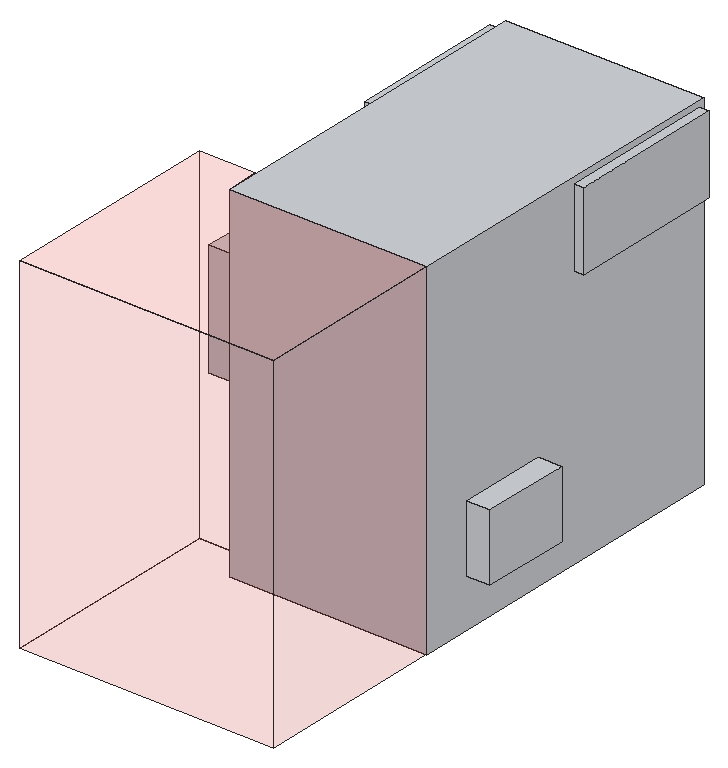
Revit family
Parameters (values of type "115 V Single Phase")
  Weight Scheduled [instance] = 640  # constant formula
  Voltage Workaround = Voltage / 1 V  # 115
  Voltage Scheduled = Voltage  # 115 V
  Voltage = 115 V
  VoltAmps Workaround [instance] = Voltage Workaround * Total FLA * sqrt(Phase)  # 0
  VoltAmps [instance] = VoltAmps Workaround * 1 VA  # 0 VA
  VFD [instance] = no
  URL = "http://www.renewaire.com/_assets/files/SubmittalForms/HE3XINVSubmittal.pdf"
  Total FLA [instance] = if(or(Supply Motor FLA = 0, Exhaust Motor FLA = 0), 0, (Supply Motor FLA * Supply Motor Count) + (Exhaust Motor FLA * Exhaust Motor Count))  # 0
  Supply Motor RPM Scheduled [instance] = Supply Motor RPM  # 0
  Supply Motor RPM [instance] = if(and(or(Supply ESP = 0, Supply ESP > 0), Supply ESP < 0.25), if(Supply Motor HP = 2, if(Supply CFM > 2700 CFM, 0, if(Supply CFM > 2440 CFM, 1476, if(Supply CFM > 2185 CFM, 1355, 1195))), if(Supply Motor HP = 3, if(Supply CFM > 3160 CFM, 0, if(Supply CFM > 3100 CFM, 1728, if(Supply CFM > 2985 CFM, 1696, if(Supply CFM > 2810 CFM, 1632, 1536)))), if(Supply Motor HP = 5, if(Supply CFM > 3300 CFM, 0, 1749), 0))), if(and(or(Supply ESP = 0.25, Supply ESP > 0.25), Supply ESP < 0.5), if(Supply Motor HP = 2, if(Supply CFM > 2550 CFM, 0, if(Supply CFM > 2270 CFM, 1476, if(Supply CFM > 2000 CFM, 1355, 1195))), if(Supply Motor HP = 3, if(Supply CFM > 3055 CFM, 0, if(Supply CFM > 3000 CFM, 1728, if(Supply CFM > 2880 CFM, 1696, if(Supply CFM > 2700 CFM, 1632, 1536)))), if(Supply Motor HP = 5, if(Supply CFM > 3300 CFM, 0, if(Supply CFM > 3200 CFM, 1801, 1749)), 0))), if(and(or(Supply ESP = 0.5, Supply ESP > 0.5), Supply ESP < 0.75), if(Supply Motor HP = 2, if(Supply CFM > 2380 CFM, 0, if(Supply CFM > 2060 CFM, 1476, if(Supply CFM > 1725 CFM, 1355, 1195))), if(Supply Motor HP = 3, if(Supply CFM > 2960 CFM, 0, if(Supply CFM > 2900 CFM, 1728, if(Supply CFM > 2760 CFM, 1696, if(Supply CFM > 2560 CFM, 1632, 1536)))), if(Supply Motor HP = 5, if(Supply CFM > 3245 CFM, 0, if(Supply CFM > 3140 CFM, 1853, if(Supply CFM > 3020 CFM, 1801, 1749))), 0))), if(and(or(Supply ESP = 0.75, Supply ESP > 0.75), Supply ESP < 1), if(Supply Motor HP = 2, if(Supply CFM > 2150 CFM, 0, if(Supply CFM > 1715 CFM, 1476, if(Supply CFM > 1210 CFM, 1355, 1195))), if(Supply Motor HP = 3, if(Supply CFM > 2800 CFM, 0, if(Supply CFM > 2735 CFM, 1728, if(Supply CFM > 2590 CFM, 1696, if(Supply CFM > 2370 CFM, 1632, 1536)))), if(Supply Motor HP = 5, if(Supply CFM > 3245 CFM, 0, if(Supply CFM > 3140 CFM, 1853, if(Supply CFM > 3020 CFM, 1801, 1749))), 0))), if(and(or(Supply ESP = 1, Supply ESP > 1), Supply ESP < 1.25), if(Supply Motor HP = 2, if(Supply CFM > 1750 CFM, 0, if(Supply CFM > 1210 CFM, 1476, 1355)), if(Supply Motor HP = 3, if(Supply CFM > 2635 CFM, 0, if(Supply CFM > 2505 CFM, 1728, if(Supply CFM > 2400 CFM, 1696, if(Supply CFM > 2140 CFM, 1632, 1536)))), if(Supply Motor HP = 5, if(Supply CFM > 2920 CFM, 0, if(Supply CFM > 2800 CFM, 1853, if(Supply CFM > 2660 CFM, 1801, 1749))), 0))), if(and(or(Supply ESP = 1.25, Supply ESP > 1.25), Supply ESP < 1.5), if(Supply Motor HP = 2, if(Supply CFM > 1300 CFM, 0, 1476), if(Supply Motor HP = 3, if(Supply CFM > 2425 CFM, 0, if(Supply CFM > 2335 CFM, 1728, if(Supply CFM > 2145 CFM, 1696, if(Supply CFM > 1840 CFM, 1632, 1536)))), if(Supply Motor HP = 5, if(Supply CFM > 2715 CFM, 0, if(Supply CFM > 2585 CFM, 1853, if(Supply CFM > 2440 CFM, 1801, 1749))), 0))), if(Supply ESP = 1.5, if(Supply Motor HP = 3, if(Supply CFM > 2165 CFM, 0, if(Supply CFM > 2065 CFM, 1728, if(Supply CFM > 1855 CFM, 1696, if(Supply CFM > 1420 CFM, 1632, 1536)))), if(Supply Motor HP = 5, if(Supply CFM > 2500 CFM, 0, if(Supply CFM > 2350 CFM, 1853, if(Supply CFM > 2200 CFM, 1801, 1749))), 0)), 0)))))))  # 0
  Supply Motor HP Scheduled [instance] = Supply Motor HP  # 0
  Supply Motor HP [instance] = 0
  Supply Motor FLA [instance] = if(VFD, if(Supply Motor BHP = 0, 0, if(Supply Motor HP = 2, if(and(or(Voltage = 208 V, Voltage = 230 V), Phase = 1), 6.1, if(and(or(Voltage = 208 V, Voltage = 230 V), Phase = 3), 6.1, if(and(Voltage = 460 V, Phase = 3), 2.9, if(and(Voltage = 575 V, Phase = 3), 2.4, 0)))), if(Supply Motor HP = 3, if(and(or(Voltage = 208 V, Voltage = 230 V), Phase = 1), 9.4, if(and(or(Voltage = 208 V, Voltage = 230 V), Phase = 3), 9.4, if(and(Voltage = 460 V, Phase = 3), 4.24, if(and(Voltage = 575 V, Phase = 3), 3.3, 0)))), if(Supply Motor HP = 5, if(and(or(Voltage = 208 V, Voltage = 230 V), Phase = 3), 14.5, if(and(Voltage = 460 V, Phase = 3), 6.7, if(and(Voltage = 575 V, Phase = 3), 5.3, 0))), 0)))), if(Supply Motor BHP = 0, 0, if(Supply Motor HP = 2, if(and(Voltage = 115 V, Phase = 1), 20, if(and(or(Voltage = 208 V, Voltage = 230 V), Phase = 1), 10.8, if(and(or(Voltage = 208 V, Voltage = 230 V), Phase = 3), 6.1, if(and(Voltage = 460 V, Phase = 3), 2.9, if(and(Voltage = 575 V, Phase = 3), 2.4, 0))))), if(Supply Motor HP = 3, if(and(or(Voltage = 208 V, Voltage = 230 V), Phase = 1), 13, if(and(or(Voltage = 208 V, Voltage = 230 V), Phase = 3), 9.4, if(and(Voltage = 460 V, Phase = 3), 4.2, if(and(Voltage = 575 V, Phase = 3), 3.3, 0)))), if(Supply Motor HP = 5, if(and(or(Voltage = 208 V, Voltage = 230 V), Phase = 3), 14.5, if(and(Voltage = 460 V, Phase = 3), 6.7, if(and(Voltage = 575 V, Phase = 3), 5.3, 0))), 0)))))  # 0
  Supply Motor Count Scheduled [instance] = Supply Motor Count  # 1
  Supply Motor Count [instance] = 1  # constant formula
  Supply Motor BHP [instance] = if(and(or(Supply ESP = 0, Supply ESP > 0), Supply ESP < 0.25), if(Supply Motor HP = 2, if(Supply CFM > 2700 CFM, 0, if(Supply CFM > 2440 CFM, 1.5, if(Supply CFM > 2185 CFM, 1.1, 0.8))), if(Supply Motor HP = 3, if(Supply CFM > 3160 CFM, 0, if(Supply CFM > 3100 CFM, 3, if(Supply CFM > 2985 CFM, 2.8, if(Supply CFM > 2810 CFM, 2.5, 2.1)))), if(Supply Motor HP = 5, if(Supply CFM > 3300 CFM, 0, 3.3), 0))), if(and(or(Supply ESP = 0.25, Supply ESP > 0.25), Supply ESP < 0.5), if(Supply Motor HP = 2, if(Supply CFM > 2550 CFM, 0, if(Supply CFM > 2270 CFM, 1.3, if(Supply CFM > 2000 CFM, 0.9, 0.7))), if(Supply Motor HP = 3, if(Supply CFM > 3055 CFM, 0, if(Supply CFM > 3000 CFM, 2.9, if(Supply CFM > 2880 CFM, 2.7, if(Supply CFM > 2700 CFM, 2.4, 2.1)))), if(Supply Motor HP = 5, if(Supply CFM > 3300 CFM, 0, if(Supply CFM > 3200 CFM, 3.4, 3.1)), 0))), if(and(or(Supply ESP = 0.5, Supply ESP > 0.5), Supply ESP < 0.75), if(Supply Motor HP = 2, if(Supply CFM > 2380 CFM, 0, if(Supply CFM > 2060 CFM, 1.2, if(Supply CFM > 1725 CFM, 0.8, 0.5))), if(Supply Motor HP = 3, if(Supply CFM > 2960 CFM, 0, if(Supply CFM > 2900 CFM, 2.8, if(Supply CFM > 2760 CFM, 2.7, if(Supply CFM > 2560 CFM, 2.3, 1.9)))), if(Supply Motor HP = 5, if(Supply CFM > 3245 CFM, 0, if(Supply CFM > 3140 CFM, 3.4, if(Supply CFM > 3020 CFM, 3.1, 2.8))), 0))), if(and(or(Supply ESP = 0.75, Supply ESP > 0.75), Supply ESP < 1), if(Supply Motor HP = 2, if(Supply CFM > 2150 CFM, 0, if(Supply CFM > 1715 CFM, 1, if(Supply CFM > 1210 CFM, 0.6, 0.4))), if(Supply Motor HP = 3, if(Supply CFM > 2800 CFM, 0, if(Supply CFM > 2735 CFM, 2.6, if(Supply CFM > 2590 CFM, 2.5, if(Supply CFM > 2370 CFM, 2.2, 1.8)))), if(Supply Motor HP = 5, if(Supply CFM > 3245 CFM, 0, if(Supply CFM > 3140 CFM, 3.4, if(Supply CFM > 3020 CFM, 3.1, 2.8))), 0))), if(and(or(Supply ESP = 1, Supply ESP > 1), Supply ESP < 1.25), if(Supply Motor HP = 2, if(Supply CFM > 1750 CFM, 0, if(Supply CFM > 1210 CFM, 0.8, 0.5)), if(Supply Motor HP = 3, if(Supply CFM > 2635 CFM, 0, if(Supply CFM > 2505 CFM, 2.5, if(Supply CFM > 2400 CFM, 2.3, if(Supply CFM > 2140 CFM, 2, 1.6)))), if(Supply Motor HP = 5, if(Supply CFM > 2920 CFM, 0, if(Supply CFM > 2800 CFM, 2.9, if(Supply CFM > 2660 CFM, 2.6, 2.3))), 0))), if(and(or(Supply ESP = 1.25, Supply ESP > 1.25), Supply ESP < 1.5), if(Supply Motor HP = 2, if(Supply CFM > 1300 CFM, 0, 0.6), if(Supply Motor HP = 3, if(Supply CFM > 2425 CFM, 0, if(Supply CFM > 2335 CFM, 2.3, if(Supply CFM > 2145 CFM, 2.1, if(Supply CFM > 1840 CFM, 1.8, 1.5)))), if(Supply Motor HP = 5, if(Supply CFM > 2715 CFM, 0, if(Supply CFM > 2585 CFM, 2.6, if(Supply CFM > 2440 CFM, 2.8, 2.1))), 0))), if(Supply ESP = 1.5, if(Supply Motor HP = 3, if(Supply CFM > 2165 CFM, 0, if(Supply CFM > 2065 CFM, 2.1, if(Supply CFM > 1855 CFM, 1.9, if(Supply CFM > 1420 CFM, 1.6, 1.1)))), if(Supply Motor HP = 5, if(Supply CFM > 2500 CFM, 0, if(Supply CFM > 2350 CFM, 2.4, if(Supply CFM > 2200 CFM, 2.1, 1.8))), 0)), 0)))))))  # 0
  Supply ESP Scheduled [instance] = Supply ESP  # 0
  Supply ESP [instance] = 0
  Supply CFM Scheduled [instance] = Supply CFM  # 0 CFM
  Supply CFM [instance] = 0 CFM
  Supply Air Winter RH Scheduled [instance] = 0
  Supply Air Winter DB Scheduled [instance] = 0
  Supply Air Summer RH Scheduled [instance] = 0
  Supply Air Summer DB Scheduled [instance] = 0
  Phase Scheduled = Phase  # 1
  Phase = 1
  Outside Air Winter RH Scheduled [instance] = 0
  Outside Air Winter DB Scheduled [instance] = 0
  Outside Air Summer RH Scheduled [instance] = 0
  Outside Air Summer DB Scheduled [instance] = 0
  Number of Poles = 1
  Model = "HE3XINV"
  Manufacturer = "RenewAire"
  MOCP Scheduled [instance] = MOCP  # 0
  MOCP [instance] = if(VFD, if(Total FLA = 0, 0, if(and(or(Voltage = 208 V, Voltage = 230 V), Phase = 1), if(and(Supply Motor HP = 2, Exhaust Motor HP = 2), 30, if(and(Supply Motor HP = 2, Exhaust Motor HP = 3), 40, if(and(Supply Motor HP = 3, Exhaust Motor HP = 2), 40, if(and(Supply Motor HP = 3, Exhaust Motor HP = 3), 45, 0)))), if(and(or(Voltage = 208 V, Voltage = 230 V), Phase = 3), if(and(Supply Motor HP = 2, Exhaust Motor HP = 2), 15, if(and(Supply Motor HP = 2, Exhaust Motor HP = 3), 25, if(and(Supply Motor HP = 2, Exhaust Motor HP = 5), 35, if(and(Supply Motor HP = 3, Exhaust Motor HP = 2), 25, if(and(Supply Motor HP = 3, Exhaust Motor HP = 3), 25, if(and(Supply Motor HP = 3, Exhaust Motor HP = 5), 40, if(and(Supply Motor HP = 5, Exhaust Motor HP = 2), 35, if(and(Supply Motor HP = 5, Exhaust Motor HP = 3), 40, if(and(Supply Motor HP = 5, Exhaust Motor HP = 5), 45, 0))))))))), if(and(Voltage = 460 V, Phase = 3), if(and(Supply Motor HP = 2, Exhaust Motor HP = 2), 15, if(and(Supply Motor HP = 2, Exhaust Motor HP = 3), 15, if(and(Supply Motor HP = 2, Exhaust Motor HP = 5), 15, if(and(Supply Motor HP = 3, Exhaust Motor HP = 2), 15, if(and(Supply Motor HP = 3, Exhaust Motor HP = 3), 15, if(and(Supply Motor HP = 3, Exhaust Motor HP = 5), 15, if(and(Supply Motor HP = 5, Exhaust Motor HP = 2), 15, if(and(Supply Motor HP = 5, Exhaust Motor HP = 3), 15, if(and(Supply Motor HP = 5, Exhaust Motor HP = 5), 20, 0))))))))), if(and(Voltage = 575 V, Phase = 3), if(and(Supply Motor HP = 2, Exhaust Motor HP = 2), 15, if(and(Supply Motor HP = 2, Exhaust Motor HP = 3), 15, if(and(Supply Motor HP = 2, Exhaust Motor HP = 5), 15, if(and(Supply Motor HP = 3, Exhaust Motor HP = 2), 15, if(and(Supply Motor HP = 3, Exhaust Motor HP = 3), 15, if(and(Supply Motor HP = 3, Exhaust Motor HP = 5), 15, if(and(Supply Motor HP = 5, Exhaust Motor HP = 2), 15, if(and(Supply Motor HP = 5, Exhaust Motor HP = 3), 15, if(and(Supply Motor HP = 5, Exhaust Motor HP = 5), 15, 0))))))))), 0))))), if(Total FLA = 0, 0, if(and(Voltage = 115 V, Phase = 1), if(and(Supply Motor HP = 2, Exhaust Motor HP = 2), 60, 0), if(and(or(Voltage = 208 V, Voltage = 230 V), Phase = 1), if(and(Supply Motor HP = 2, Exhaust Motor HP = 2), 35, if(and(Supply Motor HP = 2, Exhaust Motor HP = 3), 40, if(and(Supply Motor HP = 3, Exhaust Motor HP = 2), 40, if(and(Supply Motor HP = 3, Exhaust Motor HP = 3), 40, 0)))), if(and(or(Voltage = 208 V, Voltage = 230 V), Phase = 3), if(and(Supply Motor HP = 2, Exhaust Motor HP = 2), 15, if(and(Supply Motor HP = 2, Exhaust Motor HP = 3), 25, if(and(Supply Motor HP = 2, Exhaust Motor HP = 5), 35, if(and(Supply Motor HP = 3, Exhaust Motor HP = 2), 25, if(and(Supply Motor HP = 3, Exhaust Motor HP = 3), 25, if(and(Supply Motor HP = 3, Exhaust Motor HP = 5), 40, if(and(Supply Motor HP = 5, Exhaust Motor HP = 2), 35, if(and(Supply Motor HP = 5, Exhaust Motor HP = 3), 40, if(and(Supply Motor HP = 5, Exhaust Motor HP = 5), 45, 0))))))))), if(and(Voltage = 460 V, Phase = 3), if(and(Supply Motor HP = 2, Exhaust Motor HP = 2), 15, if(and(Supply Motor HP = 2, Exhaust Motor HP = 3), 15, if(and(Supply Motor HP = 2, Exhaust Motor HP = 5), 15, if(and(Supply Motor HP = 3, Exhaust Motor HP = 2), 15, if(and(Supply Motor HP = 3, Exhaust Motor HP = 3), 15, if(and(Supply Motor HP = 3, Exhaust Motor HP = 5), 15, if(and(Supply Motor HP = 5, Exhaust Motor HP = 2), 15, if(and(Supply Motor HP = 5, Exhaust Motor HP = 3), 15, if(and(Supply Motor HP = 5, Exhaust Motor HP = 5), 20, 0))))))))), if(and(Voltage = 575 V, Phase = 3), if(and(Supply Motor HP = 2, Exhaust Motor HP = 2), 15, if(and(Supply Motor HP = 2, Exhaust Motor HP = 3), 15, if(and(Supply Motor HP = 2, Exhaust Motor HP = 5), 15, if(and(Supply Motor HP = 3, Exhaust Motor HP = 2), 15, if(and(Supply Motor HP = 3, Exhaust Motor HP = 3), 15, if(and(Supply Motor HP = 3, Exhaust Motor HP = 5), 15, if(and(Supply Motor HP = 5, Exhaust Motor HP = 2), 15, if(and(Supply Motor HP = 5, Exhaust Motor HP = 3), 15, if(and(Supply Motor HP = 5, Exhaust Motor HP = 5), 15, 0))))))))), 0)))))))  # 0
  MCA Scheduled [instance] = MCA  # 0
  MCA [instance] = if(VFD, if(Total FLA = 0, 0, if(and(or(Voltage = 208 V, Voltage = 230 V), Phase = 1), if(and(Supply Motor HP = 2, Exhaust Motor HP = 2), 26, if(and(Supply Motor HP = 2, Exhaust Motor HP = 3), 33.9, if(and(Supply Motor HP = 3, Exhaust Motor HP = 2), 33.9, if(and(Supply Motor HP = 3, Exhaust Motor HP = 3), 40.2, 0)))), if(and(or(Voltage = 208 V, Voltage = 230 V), Phase = 3), if(and(Supply Motor HP = 2, Exhaust Motor HP = 2), 15, if(and(Supply Motor HP = 2, Exhaust Motor HP = 3), 19.6, if(and(Supply Motor HP = 2, Exhaust Motor HP = 5), 26.6, if(and(Supply Motor HP = 3, Exhaust Motor HP = 2), 19.6, if(and(Supply Motor HP = 3, Exhaust Motor HP = 3), 23.2, if(and(Supply Motor HP = 3, Exhaust Motor HP = 5), 30.3, if(and(Supply Motor HP = 5, Exhaust Motor HP = 2), 26.6, if(and(Supply Motor HP = 5, Exhaust Motor HP = 3), 30.3, if(and(Supply Motor HP = 5, Exhaust Motor HP = 5), 35.9, 0))))))))), if(and(Voltage = 460 V, Phase = 3), if(and(Supply Motor HP = 2, Exhaust Motor HP = 2), 7.2, if(and(Supply Motor HP = 2, Exhaust Motor HP = 3), 9, if(and(Supply Motor HP = 2, Exhaust Motor HP = 5), 12.4, if(and(Supply Motor HP = 3, Exhaust Motor HP = 2), 9, if(and(Supply Motor HP = 3, Exhaust Motor HP = 3), 10.5, if(and(Supply Motor HP = 3, Exhaust Motor HP = 5), 13.9, if(and(Supply Motor HP = 5, Exhaust Motor HP = 2), 12.4, if(and(Supply Motor HP = 5, Exhaust Motor HP = 3), 13.9, if(and(Supply Motor HP = 5, Exhaust Motor HP = 5), 16.6, 0))))))))), if(and(Voltage = 575 V, Phase = 3), if(and(Supply Motor HP = 2, Exhaust Motor HP = 2), 5.9, if(and(Supply Motor HP = 2, Exhaust Motor HP = 3), 7.2, if(and(Supply Motor HP = 2, Exhaust Motor HP = 5), 9.9, if(and(Supply Motor HP = 3, Exhaust Motor HP = 2), 7.2, if(and(Supply Motor HP = 3, Exhaust Motor HP = 3), 8.2, if(and(Supply Motor HP = 3, Exhaust Motor HP = 5), 10.9, if(and(Supply Motor HP = 5, Exhaust Motor HP = 2), 9.9, if(and(Supply Motor HP = 5, Exhaust Motor HP = 3), 10.9, if(and(Supply Motor HP = 5, Exhaust Motor HP = 5), 13.1, 0))))))))), 0))))), if(Total FLA = 0, 0, if(and(Voltage = 115 V, Phase = 1), if(and(Supply Motor HP = 2, Exhaust Motor HP = 2), 45, 0), if(and(or(Voltage = 208 V, Voltage = 230 V), Phase = 1), if(and(Supply Motor HP = 2, Exhaust Motor HP = 2), 24.3, if(and(Supply Motor HP = 2, Exhaust Motor HP = 3), 27.1, if(and(Supply Motor HP = 3, Exhaust Motor HP = 2), 27.1, if(and(Supply Motor HP = 3, Exhaust Motor HP = 3), 29.3, 0)))), if(and(or(Voltage = 208 V, Voltage = 230 V), Phase = 3), if(and(Supply Motor HP = 2, Exhaust Motor HP = 2), 13.6, if(and(Supply Motor HP = 2, Exhaust Motor HP = 3), 17.8, if(and(Supply Motor HP = 2, Exhaust Motor HP = 5), 24.2, if(and(Supply Motor HP = 3, Exhaust Motor HP = 2), 17.8, if(and(Supply Motor HP = 3, Exhaust Motor HP = 3), 21.1, if(and(Supply Motor HP = 3, Exhaust Motor HP = 5), 27.5, if(and(Supply Motor HP = 5, Exhaust Motor HP = 2), 24.2, if(and(Supply Motor HP = 5, Exhaust Motor HP = 3), 27.5, if(and(Supply Motor HP = 5, Exhaust Motor HP = 5), 32.6, 0))))))))), if(and(Voltage = 460 V, Phase = 3), if(and(Supply Motor HP = 2, Exhaust Motor HP = 2), 6.5, if(and(Supply Motor HP = 2, Exhaust Motor HP = 3), 8.2, if(and(Supply Motor HP = 2, Exhaust Motor HP = 5), 11.3, if(and(Supply Motor HP = 3, Exhaust Motor HP = 2), 8.2, if(and(Supply Motor HP = 3, Exhaust Motor HP = 3), 9.5, if(and(Supply Motor HP = 3, Exhaust Motor HP = 5), 12.6, if(and(Supply Motor HP = 5, Exhaust Motor HP = 2), 11.3, if(and(Supply Motor HP = 5, Exhaust Motor HP = 3), 12.6, if(and(Supply Motor HP = 5, Exhaust Motor HP = 5), 15.1, 0))))))))), if(and(Voltage = 575 V, Phase = 3), if(and(Supply Motor HP = 2, Exhaust Motor HP = 2), 5.4, if(and(Supply Motor HP = 2, Exhaust Motor HP = 3), 6.5, if(and(Supply Motor HP = 2, Exhaust Motor HP = 5), 9, if(and(Supply Motor HP = 3, Exhaust Motor HP = 2), 6.5, if(and(Supply Motor HP = 3, Exhaust Motor HP = 3), 7.4, if(and(Supply Motor HP = 3, Exhaust Motor HP = 5), 9.9, if(and(Supply Motor HP = 5, Exhaust Motor HP = 2), 9, if(and(Supply Motor HP = 5, Exhaust Motor HP = 3), 9.9, if(and(Supply Motor HP = 5, Exhaust Motor HP = 5), 11.9, 0))))))))), 0)))))))  # 0
  FLA Scheduled [instance] = Total FLA  # 0
  Exhaust RH Scheduled [instance] = 0
  Exhaust Motor RPM Scheduled [instance] = Exhaust Motor RPM  # 0
  Exhaust Motor RPM [instance] = if(and(or(Exhaust ESP = 0, Exhaust ESP > 0), Exhaust ESP < 0.25), if(Exhaust Motor HP = 2, if(Exhaust CFM > 2700 CFM, 0, if(Exhaust CFM > 2440 CFM, 1476, if(Exhaust CFM > 2185 CFM, 1355, 1195))), if(Exhaust Motor HP = 3, if(Exhaust CFM > 3160 CFM, 0, if(Exhaust CFM > 3100 CFM, 1728, if(Exhaust CFM > 2985 CFM, 1696, if(Exhaust CFM > 2810 CFM, 1632, 1536)))), if(Exhaust Motor HP = 5, if(Exhaust CFM > 3300 CFM, 0, 1749), 0))), if(and(or(Exhaust ESP = 0.25, Exhaust ESP > 0.25), Exhaust ESP < 0.5), if(Exhaust Motor HP = 2, if(Exhaust CFM > 2550 CFM, 0, if(Exhaust CFM > 2270 CFM, 1476, if(Exhaust CFM > 2000 CFM, 1355, 1195))), if(Exhaust Motor HP = 3, if(Exhaust CFM > 3055 CFM, 0, if(Exhaust CFM > 3000 CFM, 1728, if(Exhaust CFM > 2880 CFM, 1696, if(Exhaust CFM > 2700 CFM, 1632, 1536)))), if(Exhaust Motor HP = 5, if(Exhaust CFM > 3300 CFM, 0, if(Exhaust CFM > 3200 CFM, 1801, 1749)), 0))), if(and(or(Exhaust ESP = 0.5, Exhaust ESP > 0.5), Exhaust ESP < 0.75), if(Exhaust Motor HP = 2, if(Exhaust CFM > 2380 CFM, 0, if(Exhaust CFM > 2060 CFM, 1476, if(Exhaust CFM > 1725 CFM, 1355, 1195))), if(Exhaust Motor HP = 3, if(Exhaust CFM > 2960 CFM, 0, if(Exhaust CFM > 2900 CFM, 1728, if(Exhaust CFM > 2760 CFM, 1696, if(Exhaust CFM > 2560 CFM, 1632, 1536)))), if(Exhaust Motor HP = 5, if(Exhaust CFM > 3245 CFM, 0, if(Exhaust CFM > 3140 CFM, 1853, if(Exhaust CFM > 3020 CFM, 1801, 1749))), 0))), if(and(or(Exhaust ESP = 0.75, Exhaust ESP > 0.75), Exhaust ESP < 1), if(Exhaust Motor HP = 2, if(Exhaust CFM > 2150 CFM, 0, if(Exhaust CFM > 1715 CFM, 1476, if(Exhaust CFM > 1210 CFM, 1355, 1195))), if(Exhaust Motor HP = 3, if(Exhaust CFM > 2800 CFM, 0, if(Exhaust CFM > 2735 CFM, 1728, if(Exhaust CFM > 2590 CFM, 1696, if(Exhaust CFM > 2370 CFM, 1632, 1536)))), if(Exhaust Motor HP = 5, if(Exhaust CFM > 3245 CFM, 0, if(Exhaust CFM > 3140 CFM, 1853, if(Exhaust CFM > 3020 CFM, 1801, 1749))), 0))), if(and(or(Exhaust ESP = 1, Exhaust ESP > 1), Exhaust ESP < 1.25), if(Exhaust Motor HP = 2, if(Exhaust CFM > 1750 CFM, 0, if(Exhaust CFM > 1210 CFM, 1476, 1355)), if(Exhaust Motor HP = 3, if(Exhaust CFM > 2635 CFM, 0, if(Exhaust CFM > 2505 CFM, 1728, if(Exhaust CFM > 2400 CFM, 1696, if(Exhaust CFM > 2140 CFM, 1632, 1536)))), if(Exhaust Motor HP = 5, if(Exhaust CFM > 2920 CFM, 0, if(Exhaust CFM > 2800 CFM, 1853, if(Exhaust CFM > 2660 CFM, 1801, 1749))), 0))), if(and(or(Exhaust ESP = 1.25, Exhaust ESP > 1.25), Exhaust ESP < 1.5), if(Exhaust Motor HP = 2, if(Exhaust CFM > 1300 CFM, 0, 1476), if(Exhaust Motor HP = 3, if(Exhaust CFM > 2425 CFM, 0, if(Exhaust CFM > 2335 CFM, 1728, if(Exhaust CFM > 2145 CFM, 1696, if(Exhaust CFM > 1840 CFM, 1632, 1536)))), if(Exhaust Motor HP = 5, if(Exhaust CFM > 2715 CFM, 0, if(Exhaust CFM > 2585 CFM, 1853, if(Exhaust CFM > 2440 CFM, 1801, 1749))), 0))), if(Exhaust ESP = 1.5, if(Exhaust Motor HP = 3, if(Exhaust CFM > 2165 CFM, 0, if(Exhaust CFM > 2065 CFM, 1728, if(Exhaust CFM > 1855 CFM, 1696, if(Exhaust CFM > 1420 CFM, 1632, 1536)))), if(Exhaust Motor HP = 5, if(Exhaust CFM > 2500 CFM, 0, if(Exhaust CFM > 2350 CFM, 1853, if(Exhaust CFM > 2200 CFM, 1801, 1749))), 0)), 0)))))))  # 0
  Exhaust Motor HP Scheduled [instance] = Exhaust Motor HP  # 0
  Exhaust Motor HP [instance] = 0
  Exhaust Motor FLA [instance] = if(VFD, if(Exhaust Motor BHP = 0, 0, if(Exhaust Motor HP = 2, if(and(or(Voltage = 208 V, Voltage = 230 V), Phase = 1), 6.1, if(and(or(Voltage = 208 V, Voltage = 230 V), Phase = 3), 6.1, if(and(Voltage = 460 V, Phase = 3), 2.9, if(and(Voltage = 575 V, Phase = 3), 2.4, 0)))), if(Exhaust Motor HP = 3, if(and(or(Voltage = 208 V, Voltage = 230 V), Phase = 1), 9.4, if(and(or(Voltage = 208 V, Voltage = 230 V), Phase = 3), 9.4, if(and(Voltage = 460 V, Phase = 3), 4.24, if(and(Voltage = 575 V, Phase = 3), 3.3, 0)))), if(Exhaust Motor HP = 5, if(and(or(Voltage = 208 V, Voltage = 230 V), Phase = 3), 14.5, if(and(Voltage = 460 V, Phase = 3), 6.7, if(and(Voltage = 575 V, Phase = 3), 5.3, 0))), 0)))), if(Exhaust Motor BHP = 0, 0, if(Exhaust Motor HP = 2, if(and(Voltage = 115 V, Phase = 1), 20, if(and(or(Voltage = 208 V, Voltage = 230 V), Phase = 1), 10.8, if(and(or(Voltage = 208 V, Voltage = 230 V), Phase = 3), 6.1, if(and(Voltage = 460 V, Phase = 3), 2.9, if(and(Voltage = 575 V, Phase = 3), 2.4, 0))))), if(Exhaust Motor HP = 3, if(and(or(Voltage = 208 V, Voltage = 230 V), Phase = 1), 13, if(and(or(Voltage = 208 V, Voltage = 230 V), Phase = 3), 9.4, if(and(Voltage = 460 V, Phase = 3), 4.2, if(and(Voltage = 575 V, Phase = 3), 3.3, 0)))), if(Exhaust Motor HP = 5, if(and(or(Voltage = 208 V, Voltage = 230 V), Phase = 3), 14.5, if(and(Voltage = 460 V, Phase = 3), 6.7, if(and(Voltage = 575 V, Phase = 3), 5.3, 0))), 0)))))  # 0
  Exhaust Motor Count Scheduled [instance] = Exhaust Motor Count  # 1
  Exhaust Motor Count [instance] = 1  # constant formula
  Exhaust Motor BHP [instance] = if(and(or(Exhaust ESP = 0, Exhaust ESP > 0), Exhaust ESP < 0.25), if(Exhaust Motor HP = 2, if(Exhaust CFM > 2700 CFM, 0, if(Exhaust CFM > 2440 CFM, 1.5, if(Exhaust CFM > 2185 CFM, 1.1, 0.8))), if(Exhaust Motor HP = 3, if(Exhaust CFM > 3160 CFM, 0, if(Exhaust CFM > 3100 CFM, 3, if(Exhaust CFM > 2985 CFM, 2.8, if(Exhaust CFM > 2810 CFM, 2.5, 2.1)))), if(Exhaust Motor HP = 5, if(Exhaust CFM > 3300 CFM, 0, 3.3), 0))), if(and(or(Exhaust ESP = 0.25, Exhaust ESP > 0.25), Exhaust ESP < 0.5), if(Exhaust Motor HP = 2, if(Exhaust CFM > 2550 CFM, 0, if(Exhaust CFM > 2270 CFM, 1.3, if(Exhaust CFM > 2000 CFM, 0.9, 0.7))), if(Exhaust Motor HP = 3, if(Exhaust CFM > 3055 CFM, 0, if(Exhaust CFM > 3000 CFM, 2.9, if(Exhaust CFM > 2880 CFM, 2.7, if(Exhaust CFM > 2700 CFM, 2.4, 2.1)))), if(Exhaust Motor HP = 5, if(Exhaust CFM > 3300 CFM, 0, if(Exhaust CFM > 3200 CFM, 3.4, 3.1)), 0))), if(and(or(Exhaust ESP = 0.5, Exhaust ESP > 0.5), Exhaust ESP < 0.75), if(Exhaust Motor HP = 2, if(Exhaust CFM > 2380 CFM, 0, if(Exhaust CFM > 2060 CFM, 1.2, if(Exhaust CFM > 1725 CFM, 0.8, 0.5))), if(Exhaust Motor HP = 3, if(Exhaust CFM > 2960 CFM, 0, if(Exhaust CFM > 2900 CFM, 2.8, if(Exhaust CFM > 2760 CFM, 2.7, if(Exhaust CFM > 2560 CFM, 2.3, 1.9)))), if(Exhaust Motor HP = 5, if(Exhaust CFM > 3245 CFM, 0, if(Exhaust CFM > 3140 CFM, 3.4, if(Exhaust CFM > 3020 CFM, 3.1, 2.8))), 0))), if(and(or(Exhaust ESP = 0.75, Exhaust ESP > 0.75), Exhaust ESP < 1), if(Exhaust Motor HP = 2, if(Exhaust CFM > 2150 CFM, 0, if(Exhaust CFM > 1715 CFM, 1, if(Exhaust CFM > 1210 CFM, 0.6, 0.4))), if(Exhaust Motor HP = 3, if(Exhaust CFM > 2800 CFM, 0, if(Exhaust CFM > 2735 CFM, 2.6, if(Exhaust CFM > 2590 CFM, 2.5, if(Exhaust CFM > 2370 CFM, 2.2, 1.8)))), if(Exhaust Motor HP = 5, if(Exhaust CFM > 3245 CFM, 0, if(Exhaust CFM > 3140 CFM, 3.4, if(Exhaust CFM > 3020 CFM, 3.1, 2.8))), 0))), if(and(or(Exhaust ESP = 1, Exhaust ESP > 1), Exhaust ESP < 1.25), if(Exhaust Motor HP = 2, if(Exhaust CFM > 1750 CFM, 0, if(Exhaust CFM > 1210 CFM, 0.8, 0.5)), if(Exhaust Motor HP = 3, if(Exhaust CFM > 2635 CFM, 0, if(Exhaust CFM > 2505 CFM, 2.5, if(Exhaust CFM > 2400 CFM, 2.3, if(Exhaust CFM > 2140 CFM, 2, 1.6)))), if(Exhaust Motor HP = 5, if(Exhaust CFM > 2920 CFM, 0, if(Exhaust CFM > 2800 CFM, 2.9, if(Exhaust CFM > 2660 CFM, 2.6, 2.3))), 0))), if(and(or(Exhaust ESP = 1.25, Exhaust ESP > 1.25), Exhaust ESP < 1.5), if(Exhaust Motor HP = 2, if(Exhaust CFM > 1300 CFM, 0, 0.6), if(Exhaust Motor HP = 3, if(Exhaust CFM > 2425 CFM, 0, if(Exhaust CFM > 2335 CFM, 2.3, if(Exhaust CFM > 2145 CFM, 2.1, if(Exhaust CFM > 1840 CFM, 1.8, 1.5)))), if(Exhaust Motor HP = 5, if(Exhaust CFM > 2715 CFM, 0, if(Exhaust CFM > 2585 CFM, 2.6, if(Exhaust CFM > 2440 CFM, 2.8, 2.1))), 0))), if(Exhaust ESP = 1.5, if(Exhaust Motor HP = 3, if(Exhaust CFM > 2165 CFM, 0, if(Exhaust CFM > 2065 CFM, 2.1, if(Exhaust CFM > 1855 CFM, 1.9, if(Exhaust CFM > 1420 CFM, 1.6, 1.1)))), if(Exhaust Motor HP = 5, if(Exhaust CFM > 2500 CFM, 0, if(Exhaust CFM > 2350 CFM, 2.4, if(Exhaust CFM > 2200 CFM, 2.1, 1.8))), 0)), 0)))))))  # 0
  Exhaust ESP Scheduled [instance] = Exhaust ESP  # 0
  Exhaust ESP [instance] = 0
  Exhaust DB Scheduled [instance] = 0
  Exhaust CFM Scheduled [instance] = Exhaust CFM  # 0 CFM
  Exhaust CFM [instance] = 0 CFM
  Enthalpy Effect Winter Scheduled [instance] = 0
  Enthalpy Effect Summer Scheduled [instance] = 0
Types (8): name | Voltage Workaround | Voltage Scheduled | Voltage | VFD | Phase Scheduled | Phase | Number of Poles
  (no name) | 115 | 115 V | 115 V | no | 1 | 1 | 1
  208 V Single Phase | 208 | 208 V | 208 V | yes | 1 | 1 | 2
  230 V Single Phase | 230 | 230 V | 230 V | yes | 1 | 1 | 2
  208 V Three Phase | 208 | 208 V | 208 V | yes | 3 | 3 | 3
  230 V Three Phase | 230 | 230 V | 230 V | yes | 3 | 3 | 3
  460 V Three Phase | 460 | 460 V | 460 V | yes | 3 | 3 | 3
  575 V Three Phase | 575 | 575 V | 575 V | yes | 3 | 3 | 3
  115 V Single Phase | 115 | 115 V | 115 V | no | 1 | 1 | 1
Reference planes (in)
  plane 1 "Center (Front/Back)": y = 0
  plane 2: z = 0
  plane 3 "Center (Left/Right)": x = 0
Forms (in)
  Extrusion 1, solid
    sketch origin (0, 0, 0) x (1, 0, 0) y (0, 1, 0)
      loop
        line (-17.625, 30.875) -> (-17.625, -30.875) -> (17.625, -30.875) -> (17.625, 30.875) -> (-17.625, 30.875)
    from 0 to 62
  Extrusion 2, solid
    sketch origin (17.625, 14.18317, 0) x (0, -1, 0) y (0, 0, -1)
      loop
        line (36.30817, -20.75) -> (36.30817, -8.75) -> (20.30817, -8.75) -> (20.30817, -20.75) -> (36.30817, -20.75)
    from 0 to 4.25
  Extrusion 3, solid
    sketch origin (-17.625, 13.2705, 0) x (0, 1, 0) y (0, 0, -1)
      loop
        line (-19.0205, -20.75) -> (-19.0205, -8.75) -> (-35.0205, -8.75) -> (-35.0205, -20.75) -> (-19.0205, -20.75)
    from 0 to 4.25
  Extrusion 4, solid
    sketch origin (0, 0, 0) x (1, 0, 0) y (0, 1, 0)
      loop
        line (17.625, -30.875) -> (-17.625, -30.875) -> (-17.625, -24.875) -> (-27.75, -24.875) -> (-27.75, -65) -> (17.625, -65) -> (17.625, -30.875)
    from 0 to 62
  Extrusion 5, solid
    sketch origin (0, 0, 0) x (1, 0, 0) y (0, 1, 0)
      loop
        line (-17.625, -18.20745) -> (-27.75, -18.20745) -> (-27.75, -22.70745) -> (-17.625, -22.70745) -> (-17.625, -18.20745)
    from 25.625 to 46
  Extrusion 6, solid
    sketch origin (0, 0, 0) x (0, 1, 0) y (0, 0, 1)
      loop
        line (1.875, 61) -> (1.875, 47) -> (29.875, 47) -> (29.875, 61) -> (1.875, 61)
    from 17.625 to 19.38888
  Extrusion 7, solid
    sketch origin (0, 0, 0) x (0, 1, 0) y (0, 0, 1)
      loop
        line (29.875, 61) -> (1.875, 61) -> (1.875, 47) -> (29.875, 47) -> (29.875, 61)
    from -19.6875 to -17.625
Cuts and joins
  joined: Extrusion 1, Extrusion 2, Extrusion 3
Dimensions and locks (in)
  equal spacing: Extrusion 1 sketch curve, plane 3 "Center (Left/Right)", Extrusion 1 sketch curve
  equal spacing: Extrusion 1 sketch curve, plane 1 "Center (Front/Back)", Extrusion 1 sketch curve
  plane 1 "Center (Front/Back)" to Extrusion 1 sketch curve = 2' - 6 7/8"
  Extrusion 1 sketch curve to plane 3 "Center (Left/Right)" = 1' - 5 5/8"
  locked: Extrusion 2 sketch curve to Extrusion 2 sketch curve at 12
  Extrusion 2 sketch curve to Extrusion 1 = 3' - 1"
  Extrusion 2 sketch curve to Extrusion 1 = 0' - 8 3/4"
  Extrusion 1 to Extrusion 3 sketch curve = 0' - 8 3/4"
  Extrusion 1 to Extrusion 3 sketch curve = 3' - 0 5/8"
Connectors (in)
  hvac at (21.875, -14.125, 14.75), driven by "Supply CFM"
    settings: on cut or joined group of Extrusion 1, Extrusion 2, Extrusion 3, index 1, duct flow 0 CFM, flow factor 0, pres drop 0.00 in-wg, loss coef 0, conn angle 0.00°, conn width 16", conn height 12", conn radius 12", duct sys type 1, conn prof type 1, flow config 1, flow direction 1, loss method 0, conn ref index -1, conn util no, is conn primary yes, conn desc ""
  hvac at (21.875, -14.125, 14.75), driven by "Supply CFM"
    settings: on cut or joined group of Extrusion 1, Extrusion 2, Extrusion 3, index 2, duct flow 0 CFM, flow factor 0, pres drop 0.00 in-wg, loss coef 0, conn angle 0.00°, conn width 16", conn height 12", conn radius 12", duct sys type 3, conn prof type 1, flow config 1, flow direction 2, loss method 0, conn ref index -1, conn util no, is conn primary no, conn desc ""
  hvac at (-21.875, -13.75, 14.75), driven by "Exhaust CFM"
    settings: on cut or joined group of Extrusion 1, Extrusion 2, Extrusion 3, index 3, duct flow 0 CFM, flow factor 0, pres drop 0.00 in-wg, loss coef 0, conn angle 0.00°, conn width 16", conn height 12", conn radius 12", duct sys type 1, conn prof type 1, flow config 1, flow direction 1, loss method 0, conn ref index -1, conn util no, is conn primary no, conn desc ""
  electrical at (0, 0, 62), driven by "VoltAmps", driven by "Voltage", driven by "Number of Poles"
    settings: on cut or joined group of Extrusion 1, Extrusion 2, Extrusion 3, index 5, voltage 115 V, apparent load 0 VA, apparent load phase1 0 VA, apparent load phase2 0 VA, apparent load phase3 0 VA, power factor 1, load classification "HVAC", number of poles 1, system type 30, power factor state 1, is connector primary yes, connector utility no, sub classification motor no, connector description ""
  hvac at (19.38888, 15.875, 54), driven by "Exhaust CFM"
    settings: on Extrusion 6, index 6, duct flow 0 CFM, flow factor 0, pres drop 0.00 in-wg, loss coef 0, conn angle 0.00°, conn width 28", conn height 14", conn radius 12", duct sys type 1, conn prof type 1, flow config 1, flow direction 1, loss method 0, conn ref index -1, conn util no, is conn primary no, conn desc ""
  hvac at (-19.6875, 15.875, 54), driven by "Supply CFM"
    settings: on Extrusion 7, index 7, duct flow 0 CFM, flow factor 0, pres drop 0.00 in-wg, loss coef 0, conn angle 0.00°, conn width 28", conn height 14", conn radius 12", duct sys type 2, conn prof type 1, flow config 1, flow direction 1, loss method 0, conn ref index -1, conn util no, is conn primary no, conn desc ""
